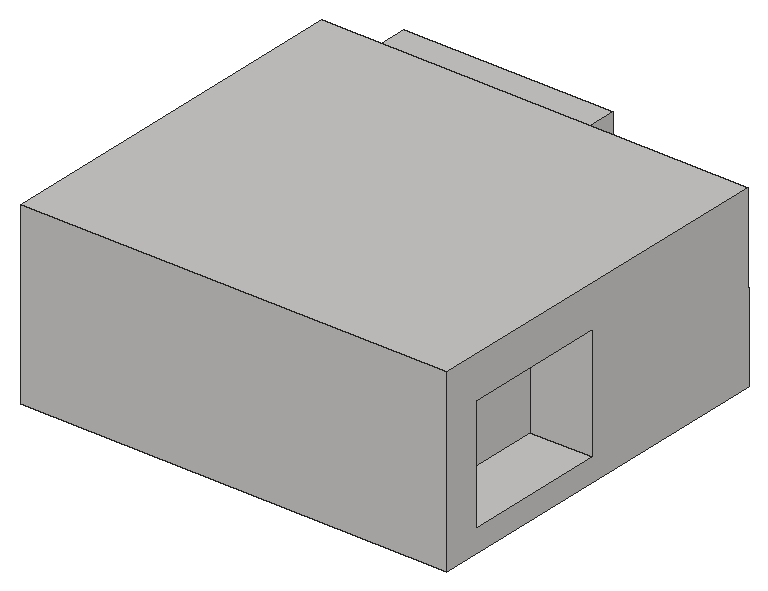
Revit family
Parameters (values of type "Size 3, 08" Inlet, 120V, 1 Phase")
  Width = 3' - 0 1/8"
  Voltage = 120 V
  Unit Weight = "150.0 lbs"
  UltraLoc Liner = Choose Liner Option = 3  # no
  URL = "http://www.titus-hvac.com/"
  UL = "181"
  Supply Air Flow [instance] = 0 CFM
  SteriLoc Liner = Choose Liner Option = 2  # no
  Primary Air Pressure Drop [instance] = 0.00 in-wg
  Primary Air Flow [instance] = 0 CFM
  Plenum Air Pressure Drop [instance] = 0.00 in-wg
  Plenum Air Flow [instance] = 0 CFM
  Outlet Width = 1' - 2"
  Outlet Vertical Offset = 0' - 1 1/8"
  Outlet Horizontal Offset = 0' - 1 3/8"
  Outlet Height = 0' - 11"
  Number of Poles = 1
  Nominal Width = Width + 0' 6 1/4"  # 3' - 6 3/8"
  Nominal Length = Length + 0' 3 3/8"  # 3' - 8 1/4"
  Nominal Inlet Size = 0' - 8"
  Nominal Height = 1' - 5 1/8"
  NFPA = "90A"
  Motor Full Load Amps = 7 A
  Model = "DTQS"
  Min. Air Flow = 0 CFM
  Max. Air Flow = 0 CFM
  Material = Galvanized Steel
  Manufacturer = "Titus"
  Length = 3' - 4 7/8"
  Juction Box Offset = 0' - 2 7/8"
  Inlet Diameter = Nominal Inlet Size - 0' 0 1/8"  # 0' - 7 7/8"
  Induced Air Inlet Offset = 0' - 4 1/2"
  Induced Air Inlet Width = 1' - 1 1/4"
  Induced Air Inlet Height = 1' - 2 1/2"
  Induced Air Filter = no
  Heating Total Capacity [instance] = 0 Btu/h
  Half Outlet Connection Width = Outlet Width / 2  # 0' - 7"
  Half Outlet Connection Height = Outlet Height / 2  # 0' - 5 1/2"
  Half Height Start = -(Nominal Height / 2)  # -0' - 8 9/16"
  Half Height End = Nominal Height / 2  # 0' - 8 9/16"
  HP-Motor = "1/4"
  Frequency = 60 Hz
  Filter Size = "19\"x17\""
  Fiber Free Liner = Choose Liner Option = 1  # no
  Fan Disconnect Switch = no
  Duct Radius = Nominal Inlet Size / 2  # 0' - 4"
  Description = "Series Fan Powered Terminal Unit, Direct Digital Control, Pressure Independent"
  Connection Void Radius = Connection Radius - 0' 0 1/4"  # 0' - 3 11/16"
  Connection Radius = Inlet Diameter / 2  # 0' - 3 15/16"
  Choose Liner Option = 0
  CADworks URL = "www.CADworks.net"
  Assembly Code = "D3040100"
  Apparent Power = Voltage * Motor Full Load Amps  # 840 VA
  Air Inlet Offset = 0' - 6"
  1/2" Fiberglass Liner = Choose Liner Option = 0  # yes
Types (4): name | Unit Weight | Nominal Inlet Size | Motor Full Load Amps | Inlet Diameter | HP-Motor | Duct Radius | Connection Void Radius | Connection Radius | Apparent Power
  (no name) | "150.0 lbs" | 0' - 8" | 7 A | 0' - 7 7/8" | "1/4" | 0' - 4" | 0' - 3 11/16" | 0' - 3 15/16" | 840 VA
  Size 2, 06" Inlet, 120V, 1 Phase | "145.0 lbs" | 0' - 6" | 4 A | 0' - 5 7/8" | "1/6" | 0' - 3" | 0' - 2 11/16" | 0' - 2 15/16" | 480 VA
  Size 2, 08" Inlet, 120V, 1 Phase | "145.0 lbs" | 0' - 8" | 4 A | 0' - 7 7/8" | "1/6" | 0' - 4" | 0' - 3 11/16" | 0' - 3 15/16" | 480 VA
  Size 3, 08" Inlet, 120V, 1 Phase | "150.0 lbs" | 0' - 8" | 7 A | 0' - 7 7/8" | "1/4" | 0' - 4" | 0' - 3 11/16" | 0' - 3 15/16" | 840 VA
Reference planes (in)
  plane 1 "Center (Front/Back)": y = 0
  plane 2: z = 0
  plane 3 "Center (Left/Right)": x = 3
  plane 4: x = -17.4375
  plane 5: x = 23.4375
  plane 6: x = -14.5625
  plane 7: x = -20.8125
  plane 8 "Center (Elevation)": z = 0
  plane 9: y = -18.0625
  plane 10: y = 18.0625
  plane 11: y = 12.0625
  plane 12: y = -13.5625
  plane 13: x = -11.4375
  plane 14: x = 17.4375
  plane 15: y = 24.3125
  plane 16: z = 8.5625
  plane 17: z = -8.5625
Forms (in)
  Extrusion 1, solid, material "Galvanized Steel" <- "Material"
    sketch origin (61, -3.76302, 78.80279) x (1, 0, 0) y (0, 1, 0)
      loop
        line (-78.4375, 21.82552) -> (-78.4375, -14.29948) -> (-37.5625, -14.29948) -> (-37.5625, 21.82552) -> (-78.4375, 21.82552)
    from -87.36529 <- "Half Height Start" to -70.24029 <- "Half Height End"
  Extrusion 2, solid, material "Galvanized Steel" <- "Material"
    sketch origin (4.0625, 0, 42) x (1, 0, 0) y (0, 1, 0)
      loop
        line (-18.625, 18.0625) -> (1.375, 18.0625) -> (1.375, 24.3125) -> (-18.625, 24.3125) -> (-18.625, 18.0625)
    from -48 to -36
  Extrusion 3, void
    sketch origin (23.4375, 18.0625, 76.42779) x (0, 1, 0) y (0, 0, -1)
      loop
        line (-18.625, 71.86529) -> (-18.625, 82.86529) -> (-32.625, 82.86529) -> (-32.625, 71.86529) -> (-18.625, 71.86529)
    from 0 to 6
  Extrusion 4, solid, material "Galvanized Steel" <- "Material"
    sketch origin (-24.875, -0.4375, 0) x (0, 0, -1) y (0, 1, 0)
      loop
        circle (0, 12.5) r 3.9375
    from 4.0625 to 7.4375
  Extrusion 5, void
    sketch origin (-24.875, 0, 0) x (0, 1, 0) y (0, 0, 1)
      loop
        circle (12.0625, 0) r 3.6875
    from 4.0625 to 13.4375
  Extrusion 6, void
    sketch origin (-17.4375, -18.0625, 78.67779) x (0, -1, 0) y (0, 0, -1)
      loop
        line (-17.75, 71.49029) -> (-4.5, 71.49029) -> (-4.5, 85.99029) -> (-17.75, 85.99029) -> (-17.75, 71.49029)
    from 0 to 6
Cuts and joins
  Extrusion 3, Extrusion 5, Extrusion 6 cuts Extrusion 1
  Extrusion 5 cuts Extrusion 4
Dimensions and locks (in)
  "Length": plane 5 to plane 4
  equal spacing: plane 5, plane 3 "Center (Left/Right)", plane 4
  locked: Extrusion 2 to plane 6 at 0
  locked: Extrusion 2 to Extrusion 2 at 20
  "Juction Box Offset": plane 6 to plane 4
  "Outlet Height": Extrusion 3 sketch curve to Extrusion 3 sketch curve
  "Outlet Width": Extrusion 3 sketch curve to Extrusion 3 sketch curve
  locked: plane 4 to plane 7 at 3.375
  "Width": plane 9 to plane 10
  equal spacing: plane 9, plane 1 "Center (Front/Back)", plane 10
  locked: Extrusion 4 sketch curve to level at 0
  locked: Extrusion 4 sketch curve to plane 11 at 0
  locked: Extrusion 5 sketch curve to level at 0
  locked: Extrusion 5 sketch curve to plane 11 at 0
  locked: Extrusion 2 to Extrusion 2 at 6.25
  "Air Inlet Offset": plane 10 to plane 11
  locked: Extrusion 2 to plane 10 at 0
  locked: cut or joined group of Extrusion 4, Extrusion 5 to plane 7 at 0
  locked: cut or joined group of Extrusion 4, Extrusion 5 to cut or joined group of Extrusion 4, Extrusion 5 at 3.375
  "Induced Air Inlet Offset": plane 9 to plane 12
  "Induced Air Inlet Width": Extrusion 6 sketch curve to Extrusion 6 sketch curve
  "Induced Air Inlet Height": Extrusion 6 sketch curve to Extrusion 6 sketch curve
  "Induced Air Inlet Offset": Extrusion 6 sketch curve to plane 9
  locked: plane 9 to Extrusion 3 sketch curve at 3.5
  cut or joined group of Extrusion 1, Extrusion 3, Extrusion 5, Extrusion 6 to Extrusion 6 sketch curve = 0' - 1 3/8"
  cut or joined group of Extrusion 1, Extrusion 3, Extrusion 5, Extrusion 6 to Extrusion 3 sketch curve = 0' - 2 1/8"
  locked: Extrusion 2 to Extrusion 2 at 12
  equal spacing: Extrusion 2, level, Extrusion 2
  locked: cut or joined group of Extrusion 1, Extrusion 3, Extrusion 5, Extrusion 6 to cut or joined group of Extrusion 1, Extrusion 3, Extrusion 5, Extrusion 6 at 17.125
  equal spacing: cut or joined group of Extrusion 1, Extrusion 3, Extrusion 5, Extrusion 6, level, cut or joined group of Extrusion 1, Extrusion 3, Extrusion 5, Extrusion 6
  locked: plane 4 to plane 13 at 6
  locked: plane 14 to plane 5 at 6
  "Connection Radius": radius of Extrusion 4 sketch curve
  "Connection Void Radius": radius of Extrusion 5 sketch curve
  aligned and locked: cut or joined group of Extrusion 1, Extrusion 3, Extrusion 5, Extrusion 6 to plane 10
  aligned and locked: plane 9 to cut or joined group of Extrusion 1, Extrusion 3, Extrusion 5, Extrusion 6
  aligned and locked: plane 5 to cut or joined group of Extrusion 1, Extrusion 3, Extrusion 5, Extrusion 6
  aligned and locked: cut or joined group of Extrusion 1, Extrusion 3, Extrusion 5, Extrusion 6 to plane 4
  aligned and locked: Extrusion 3 to plane 14
  aligned and locked: plane 13 to Extrusion 6
  aligned and locked: Extrusion 6 to Extrusion 5
Automatic sketch dimensions
  plane 4 to Extrusion 1 sketch curve = 0' - 0"
  plane 5 to Extrusion 1 sketch curve = 0' - 0"
  plane 9 to Extrusion 1 sketch curve = 0' - 0"
  plane 10 to Extrusion 1 sketch curve = 0' - 0"
  Extrusion 2 sketch curve to plane 6 = 0' - 0"
  Extrusion 2 sketch curve to plane 10 = 0' - 0"
  plane 3 "Center (Left/Right)" to Extrusion 2 sketch curve = 0' - 2 7/16"
  Extrusion 2 sketch curve to plane 10 = 0' - 6 1/4"
Connectors (in)
  electrical at (-4.5625, 24.3125, 0), driven by "Apparent Power", driven by "Voltage", driven by "Number of Poles"
    settings: on Extrusion 2, index 8
  hvac at (-20.8125, 12.0625, 0), driven by "Primary Air Flow", driven by "Duct Radius", driven by "Primary Air Pressure Drop"
    settings: on cut or joined group of Extrusion 4, Extrusion 5, index 9
  hvac at (-17.4375, -6.9375, -0.0625), driven by "Induced Air Inlet Width", driven by "Induced Air Inlet Height", driven by "Plenum Air Pressure Drop", driven by "Plenum Air Flow"
    settings: on cut or joined group of Extrusion 1, Extrusion 3, Extrusion 5, Extrusion 6, index 14
  hvac at (23.4375, -7.5625, -0.9375), driven by "Supply Air Flow", driven by "Outlet Width", driven by "Outlet Height"
    settings: on cut or joined group of Extrusion 1, Extrusion 3, Extrusion 5, Extrusion 6, index 15
